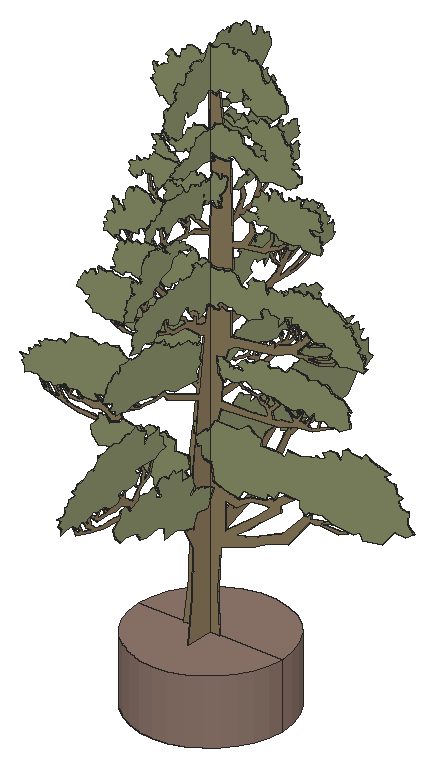
Revit family "섬잣나무+뿌리분", category 수목, Revit 2019 (continued)
Definition of nested family "섬잣나무_base"
  Forms (mm)
    Extrusion 4, solid, detail levels fine
      sketch origin (-3.628, -16.167, 0) x (0, 1, 0) y (0, 0, 1)
        loop
          line (-302.228, 2298.993) -> (-317.371, 2326.115) -> (-372.854, 2315.587) -> (-413.217, 2338.643) -> (-423.308, 2363.862) -> (-452.86, 2363.141) -> (-486.016, 2388.359) -> (-456.464, 2385.477) -> (-476.646, 2421.503) -> (-515.568, 2412.136) -> (-566.023, 2435.913) -> (-621.834, 2424.258) -> (-677.099, 2441.522) -> (-733.58, 2417.051) -> (-805.03, 2416.329) -> (-833.899, 2435.087) -> (-869.263, 2419.937) -> (-942.879, 2431.48) -> (-936.383, 2395.407) -> (-942.157, 2366.549) -> (-962.365, 2368.713) -> (-973.912, 2400.457) -> (-1008.555, 2385.307) -> (-1033.093, 2346.348) -> (-1056.91, 2352.12) -> (-1084.336, 2302.339) -> (-1085.057, 2279.253) -> (-1107.431, 2272.038) -> (-1121.143, 2222.258) -> (-1087.944, 2217.207) -> (-1050.415, 2186.185) -> (-1016.494, 2192.678) -> (-1020.824, 2162.377) -> (-1045.363, 2136.404) -> (-1022.989, 2123.418) -> (-987.625, 2097.445) -> (-984.017, 2070.752) -> (-931.331, 2072.916) -> (-876.48, 2054.88) -> (-814.413, 2075.08) -> (-755.953, 2078.688) -> (-701.103, 2067.144) -> (-656.213, 2052.181) -> (-600.686, 2052.812) -> (-554.624, 2035.781) -> (-469.441, 2037.673) -> (-367.852, 1979.013) -> (-264.371, 1975.859) -> (-125.554, 1961.983) -> (-141.957, 2037.86) -> (-74.442, 2088.32) -> (-95.264, 2100.304) -> (-108.515, 2117.966) -> (-87.061, 2169.688) -> (-89.585, 2224.563) -> (-133.123, 2222.04) -> (-144.481, 2251.686) -> (-189.912, 2251.686) -> (-189.912, 2272.501) -> (-213.89, 2298.993) -> (-253.642, 2298.993) -> (-302.228, 2298.993)
        loop
          line (52.176, 1610.503) -> (-0.542, 1516.396) -> (-34.433, 1548.393) -> (-137.988, 1542.746) -> (-122.926, 1465.579) -> (-75.855, 1454.286) -> (-83.387, 1380.883) -> (-45.73, 1331.947) -> (27.7, 1273.601) -> (42.762, 1153.144) -> (127.489, 1119.266) -> (244.224, 1094.798) -> (293.178, 1166.319) -> (328.951, 1155.026) -> (479.577, 1166.319) -> (494.639, 1205.844) -> (553.007, 1196.433) -> (588.781, 1260.426) -> (669.742, 1260.426) -> (758.234, 1252.897) -> (760.117, 1202.08) -> (812.836, 1168.201) -> (839.196, 1192.669) -> (954.048, 1209.608) -> (1033.126, 1179.494) -> (1083.962, 1173.848) -> (1168.689, 1160.673) -> (1221.408, 1158.79) -> (1268.479, 1194.551) -> (1292.956, 1141.851) -> (1462.409, 1166.319) -> (1565.965, 1299.951) -> (1654.457, 1288.658) -> (1727.887, 1335.711) -> (1671.403, 1392.175) -> (1678.934, 1491.929) -> (1661.989, 1484.4) -> (1613.035, 1501.339) -> (1594.207, 1538.982) -> (1631.863, 1576.625) -> (1579.144, 1595.446) -> (1579.144, 1616.15) -> (1567.847, 1661.321) -> (1511.363, 1661.321) -> (1477.472, 1691.435) -> (1530.191, 1719.667) -> (1422.87, 1747.899) -> (1379.565, 1757.31) -> (1319.315, 1800.599) -> (1289.19, 1761.074) -> (1196.932, 1761.074) -> (1165.757, 1786.38) -> (1123.213, 1761.572) -> (1123.213, 1729.675) -> (1107.85, 1688.328) -> (1071.215, 1723.768) -> (1019.216, 1723.768) -> (977.854, 1695.416) -> (953.97, 1687.769) -> (978.385, 1646.353) -> (930.296, 1629.343) -> (899.222, 1641.176) -> (888.125, 1624.906) -> (848.61, 1616.15) -> (756.352, 1591.682) -> (660.328, 1601.093) -> (633.968, 1533.336) -> (590.663, 1559.686) -> (519.116, 1559.686) -> (432.506, 1554.039) -> (440.038, 1601.093) -> (387.319, 1625.56) -> (325.186, 1666.967) -> (246.107, 1610.503) -> (163.263, 1610.503) -> (52.176, 1610.503)
        loop
          line (-666.883, 1812.178) -> (-717.172, 1833.221) -> (-756.883, 1864.619) -> (-770.969, 1891.676) -> (-827.106, 1862.449) -> (-871.548, 1875.308) -> (-935.871, 1841.405) -> (-997.855, 1863.618) -> (-1058.67, 1855.434) -> (-1112.467, 1839.067) -> (-1117.145, 1840.236) -> (-1172.113, 1844.912) -> (-1174.452, 1813.347) -> (-1215.385, 1758.4) -> (-1234.097, 1768.921) -> (-1269.182, 1768.921) -> (-1310.115, 1737.356) -> (-1340.523, 1730.342) -> (-1395.49, 1723.327) -> (-1400.168, 1696.438) -> (-1441.101, 1690.593) -> (-1406.015, 1649.674) -> (-1445.779, 1650.844) -> (-1480.864, 1648.505) -> (-1491.39, 1606.418) -> (-1524.136, 1612.264) -> (-1517.119, 1571.345) -> (-1541.679, 1550.302) -> (-1602.494, 1551.471) -> (-1558.052, 1522.244) -> (-1589.629, 1495.355) -> (-1560.391, 1459.113) -> (-1563.9, 1417.026) -> (-1520.628, 1436.9) -> (-1484.373, 1434.562) -> (-1450.457, 1438.069) -> (-1421.219, 1412.349) -> (-1387.303, 1400.659) -> (-1348.709, 1425.209) -> (-1322.98, 1402.997) -> (-1252.809, 1429.886) -> (-1223.571, 1449.76) -> (-1193.164, 1425.209) -> (-1113.637, 1439.238) -> (-1065.687, 1402.997) -> (-970.956, 1400.659) -> (-940.549, 1422.871) -> (-966.278, 1461.451) -> (-919.498, 1473.142) -> (-856.344, 1455.606) -> (-779.156, 1463.789) -> (-732.376, 1531.596) -> (-768.63, 1539.78) -> (-782.665, 1566.669) -> (-690.273, 1572.515) -> (-575.661, 1564.331) -> (-530.05, 1587.713) -> (-459.879, 1604.08) -> (-494.964, 1642.66) -> (-493.795, 1696.438) -> (-528.88, 1724.496) -> (-534.728, 1785.289) -> (-562.796, 1760.738) -> (-643.493, 1759.569) -> (-696.121, 1728.003) -> (-696.121, 1777.105) -> (-666.883, 1812.178)
        loop
          line (-644.119, 1327.333) -> (-666.95, 1338.744) -> (-729.735, 1353.959) -> (-752.566, 1323.529) -> (-843.89, 1285.491) -> (-878.136, 1331.136) -> (-939.019, 1325.431) -> (-942.824, 1272.178) -> (-1007.512, 1213.219) -> (-992.291, 1144.752) -> (-937.116, 1085.793) -> (-881.942, 1102.91) -> (-769.69, 1083.891) -> (-727.833, 1021.129) -> (-663.145, 1005.914) -> (-529.965, 1021.129) -> (-470.985, 998.306) -> (-465.277, 903.212) -> (-332.097, 920.329) -> (-252.189, 887.997) -> (-177.988, 870.88) -> (-149.45, 907.016) -> (-128.521, 964.073) -> (-16.269, 946.956) -> (37.003, 1097.205) -> (-1.049, 1095.303) -> (-61.931, 1125.733) -> (-130.424, 1144.752) -> (-183.696, 1112.42) -> (-206.527, 1133.34) -> (-166.573, 1178.986) -> (-185.599, 1266.472) -> (-292.143, 1264.57) -> (-286.435, 1350.903) -> (-352.172, 1350.903) -> (-372.051, 1382.487) -> (-423.421, 1350.155) -> (-478.595, 1384.389) -> (-512.842, 1384.389) -> (-554.698, 1344.45) -> (-522.355, 1300.706) -> (-516.647, 1241.748) -> (-560.406, 1272.178) -> (-552.796, 1302.608) -> (-587.042, 1352.057) -> (-644.119, 1327.333)
      from 0 to 5
    Extrusion 5, solid, detail levels fine
      sketch origin (-3.628, -16.167, 0) x (0, 1, 0) y (0, 0, 1)
        loop
          line (88.358, 4106.537) -> (63.165, 4078.784) -> (-1.101, 4094.716) -> (6.097, 3818.728) -> (25.428, 3824.289) -> (43.889, 3864.272) -> (114.654, 3889.389) -> (88.358, 4106.537)
        loop
          line (179.909, 3506.882) -> (176.764, 3620.581) -> (142.281, 3604.048) -> (35.537, 3604.048) -> (48.629, 3580.895) -> (19.425, 3557.238) -> (21.617, 3496.076) -> (78.82, 3488.81) -> (87.59, 3460.721) -> (103.568, 3460.721) -> (103.568, 3496.132) -> (124.996, 3487.836) -> (134.155, 3498.608) -> (160.243, 3491.84) -> (163.429, 3471.136) -> (147.099, 3445.854) -> (150.485, 3421.568) -> (130.963, 3366.927) -> (98.701, 3334.28) -> (109.215, 3302.114) -> (99.123, 3266.188) -> (109.966, 3245.77) -> (61.868, 3220.227) -> (17.244, 3234.379) -> (10.112, 3060.886) -> (-1.743, 3053.57) -> (-161.32, 3117.504) -> (-231.331, 3117.504) -> (-200.652, 3185.917) -> (-220.318, 3239.39) -> (-240.34, 3237.204) -> (-227.083, 3187.586) -> (-251.131, 3199.297) -> (-272.095, 3233.198) -> (-288.743, 3249.84) -> (-288.743, 3235.663) -> (-266.237, 3188.511) -> (-239.724, 3169.095) -> (-251.747, 3123.175) -> (-429.403, 3129.293) -> (-456.533, 3154.873) -> (-430.944, 3200.176) -> (-448.209, 3200.176) -> (-466.09, 3172.747) -> (-495.092, 3197.183) -> (-502.183, 3276.387) -> (-520.502, 3274.747) -> (-510.081, 3166.624) -> (-457.155, 3113.098) -> (-447.963, 3122.187) -> (-360.186, 3121.072) -> (-316.505, 3103.369) -> (-318.463, 3095.982) -> (-256.603, 3097.149) -> (-236.095, 3089.383) -> (-222.423, 3095.285) -> (-177.369, 3095.285) -> (-166.183, 3085.345) -> (-143.189, 3075.717) -> (-6.161, 3013.906) -> (7.479, 2996.823) -> (-0.118, 2812.023) -> (22.696, 2782.701) -> (58.082, 2782.701) -> (103.245, 2799.456) -> (128.853, 2792.94) -> (151.201, 2803.18) -> (199.375, 2803.18) -> (194.637, 2974.46) -> (294.145, 2997.311) -> (473.089, 3022.316) -> (500.989, 3050.686) -> (601.045, 3100.696) -> (665.627, 3159.36) -> (636.641, 3159.36) -> (596.715, 3126.662) -> (512.534, 3087.712) -> (540.434, 3137.241) -> (540.434, 3196.868) -> (517.345, 3196.868) -> (517.345, 3148.782) -> (451.789, 3061.215) -> (334.898, 3043.904) -> (386.157, 3143.027) -> (360.907, 3214.592) -> (337.784, 3206.434) -> (339.293, 3139.233) -> (269.332, 3043.531) -> (193.373, 3020.155) -> (179.909, 3506.882)
        loop
          line (-493.466, 2757.268) -> (-451.278, 2760.605) -> (-528.673, 2845.557) -> (-568.736, 2844.95) -> (-493.466, 2757.268)
        loop
          line (-776.442, 2727.525) -> (-792.316, 2717.393) -> (-757.854, 2692.234) -> (-747.563, 2706.113) -> (-776.442, 2727.525)
        loop
          line (-691.868, 2733.812) -> (-672.528, 2727.272) -> (-652.237, 2787.272) -> (-671.268, 2787.272) -> (-680.052, 2758.979) -> (-700.547, 2783.858) -> (-714.216, 2789.318) -> (-722.995, 2783.858) -> (-691.868, 2733.812)
        loop
          line (-446.383, 2471.522) -> (-512.462, 2491.41) -> (-525.252, 2509.167) -> (-537.981, 2504.732) -> (-528.406, 2477.246) -> (-432.173, 2451.635) -> (-390.251, 2420.383) -> (-248.856, 2411.149) -> (-114.566, 2304.608) -> (-67.118, 2280.574) -> (-46.093, 2245.765) -> (-96.046, 1845.706) -> (-442.569, 1994.461) -> (-474.377, 2030.233) -> (-510.189, 2030.233) -> (-487.393, 2016.277) -> (-570.629, 2016.277) -> (-673.913, 2029.031) -> (-711.582, 2029.031) -> (-765.655, 2070.33) -> (-785.647, 2069.291) -> (-738.483, 2028.228) -> (-789.83, 2047.238) -> (-813.032, 2067.39) -> (-834.331, 2060.546) -> (-801.241, 2035.452) -> (-736.201, 2011.118) -> (-678.008, 2011.118) -> (-572.27, 1997.811) -> (-475.662, 1997.811) -> (-439.151, 1953.226) -> (-107.812, 1802.302) -> (-111.443, 1788.91) -> (-130.457, 1577.252) -> (-132.483, 1554.699) -> (-33.197, 1559.93) -> (-4.389, 1534.622) -> (48.074, 1619.893) -> (72.001, 1622.17) -> (93.81, 1720.638) -> (598.904, 1749.264) -> (632.518, 1771.869) -> (748.974, 1803.815) -> (869.955, 1817.469) -> (1042.744, 1898.147) -> (1015.665, 1896.894) -> (930.891, 1867.742) -> (935.299, 1914.181) -> (922.413, 1909.436) -> (913.936, 1856.217) -> (862.733, 1837.913) -> (830.18, 1850.794) -> (867.819, 1927.401) -> (851.179, 1906.474) -> (815.222, 1861.255) -> (758.539, 1861.255) -> (786.684, 1915.877) -> (770.746, 1946.045) -> (761.613, 1941.221) -> (775.693, 1914.569) -> (761.591, 1896.217) -> (744.297, 1932.487) -> (738.447, 1929.603) -> (756.733, 1882.38) -> (747.368, 1868.55) -> (703.31, 1873.869) -> (685.644, 1896.635) -> (654.181, 1923.909) -> (647.718, 1925.772) -> (670.931, 1897.347) -> (647.549, 1909.57) -> (641.757, 1925.867) -> (635.663, 1928.215) -> (641.748, 1905.011) -> (677.235, 1889.531) -> (686.698, 1873.622) -> (707.13, 1837.933) -> (688.825, 1818.279) -> (603.921, 1811.026) -> (569.511, 1795.15) -> (535.982, 1795.15) -> (525.852, 1847.747) -> (604.287, 1928.915) -> (587.317, 1937.051) -> (572.794, 1927.718) -> (540.289, 1953.643) -> (523.345, 1953.643) -> (561.383, 1916.311) -> (539.811, 1894.331) -> (507.785, 1872.756) -> (480.467, 1890.385) -> (499.622, 1920.069) -> (491.186, 1952.606) -> (479.084, 1952.606) -> (485.308, 1922.533) -> (466.289, 1895.57) -> (435.859, 1902.484) -> (420.99, 1923.915) -> (455.224, 1958.828) -> (441.138, 1963.61) -> (410.27, 1934.977) -> (371.828, 1935.034) -> (316.909, 1950.973) -> (284.484, 1948.62) -> (259.837, 1972.565) -> (242.826, 1965.971) -> (278.236, 1934.739) -> (318.505, 1934.739) -> (367.107, 1917.388) -> (401.822, 1917.388) -> (426.026, 1878.937) -> (472.207, 1861.181) -> (495.298, 1820.344) -> (495.298, 1796.374) -> (363.859, 1780.394) -> (244.854, 1780.394) -> (99.766, 1779.306) -> (111.327, 1934.923) -> (69.613, 1978.435) -> (70.97, 2025.14) -> (57.465, 2079.497) -> (63.891, 2108.779) -> (123.243, 2130.806) -> (136.393, 2108.069) -> (159.455, 2188.66) -> (210.727, 2225.379) -> (570.267, 2283.904) -> (687.189, 2342.882) -> (750.037, 2335.856) -> (795.933, 2344.122) -> (826.53, 2334.203) -> (923.696, 2334.203) -> (1050.632, 2373.468) -> (1072.698, 2404.871) -> (1059.302, 2413.535) -> (1042.8, 2388.018) -> (924.135, 2351.921) -> (833.892, 2351.921) -> (826.415, 2357.592) -> (916.142, 2374.087) -> (1009.504, 2413.879) -> (1021.107, 2458.984) -> (996.354, 2428.313) -> (913.063, 2392.73) -> (742.562, 2362.16) -> (742.562, 2380.669) -> (804.282, 2443.394) -> (843.187, 2443.336) -> (970.705, 2496.64) -> (966.264, 2507.263) -> (887.35, 2474.276) -> (913.195, 2495.191) -> (899.247, 2495.191) -> (844.274, 2454.181) -> (816.787, 2458.692) -> (864.562, 2508.581) -> (840.19, 2519.665) -> (827.911, 2536.287) -> (778.281, 2475.167) -> (768.979, 2485.482) -> (822.607, 2539.345) -> (815.999, 2550.27) -> (807.866, 2536.296) -> (766.692, 2501.743) -> (756.017, 2555.351) -> (743.037, 2564.688) -> (752.459, 2496.407) -> (756.525, 2466.935) -> (734.413, 2474.811) -> (707.218, 2510.635) -> (687.901, 2529.436) -> (711.793, 2563.736) -> (696.071, 2559.206) -> (677.047, 2537.733) -> (659.553, 2589.664) -> (644.19, 2584.489) -> (665.591, 2520.958) -> (743.413, 2447.054) -> (697.368, 2413.992) -> (625.383, 2382.875) -> (587.77, 2374.447) -> (546.969, 2342.034) -> (546.969, 2367.246) -> (533.295, 2375.096) -> (513.176, 2340.047) -> (182.516, 2297.04) -> (182.516, 2485.123) -> (140.685, 2473.395) -> (99.288, 2488.108) -> (87.107, 2453.835) -> (38.572, 2453.835) -> (-17.651, 2473.545) -> (-31.975, 2358.834) -> (-93.25, 2368.533) -> (-140.855, 2392.682) -> (-140.855, 2450.924) -> (-159.329, 2460.158) -> (-159.329, 2426.775) -> (-223.987, 2450.924) -> (-256.672, 2499.223) -> (-297.172, 2514.849) -> (-304.663, 2495.434) -> (-267.52, 2481.104) -> (-249.566, 2447.373) -> (-290.777, 2447.373) -> (-371.778, 2447.373) -> (-452.778, 2507.036) -> (-461.304, 2556.755) -> (-474.774, 2554.445) -> (-465.369, 2499.602) -> (-446.383, 2471.522)
        loop
          line (-138.677, 1506.979) -> (-166.073, 1299.032) -> (-162.646, 1232.6) -> (-157.571, 1134.218) -> (-132.372, 1151.406) -> (-65.076, 1136.885) -> (0.979, 1101.244) -> (45.642, 1105.817) -> (-11.068, 939.035) -> (-125.639, 956.111) -> (-142.721, 909.298) -> (-151.47, 893.002) -> (-149.256, 802.345) -> (-177.805, 862.697) -> (-256.432, 879.54) -> (-164.81, 705.938) -> (-173.819, 344.074) -> (-215.785, 0) -> (84.215, 0) -> (69.545, 328.016) -> (90.257, 665.101) -> (389.776, 777.83) -> (499.429, 835.42) -> (667.88, 887.943) -> (847.702, 1116.142) -> (849.062, 1122.659) -> (886.092, 1114.931) -> (936.112, 1128.681) -> (1093.049, 1115.556) -> (1178.708, 1155.557) -> (1146.821, 1155.557) -> (1093.675, 1141.807) -> (951.743, 1149.307) -> (1033.025, 1169.932) -> (1003.013, 1181.808) -> (855.235, 1152.235) -> (862.768, 1188.328) -> (819.129, 1156.649) -> (793.154, 1156.649) -> (785.881, 1135.357) -> (617.04, 958.269) -> (355.536, 840.643) -> (230.334, 808.964) -> (334.292, 883.645) -> (429.973, 971.807) -> (603.864, 1110.702) -> (598.726, 1159.45) -> (715.4, 1246.924) -> (629.261, 1246.924) -> (569.558, 1204.749) -> (557.578, 1182.36) -> (507.575, 1182.36) -> (484.136, 1156.326) -> (347.148, 1134.978) -> (257.947, 1088.937) -> (123.677, 1112.171) -> (29.746, 1153.317) -> (19.719, 1268.843) -> (-54.772, 1331.844) -> (-92.239, 1383.541) -> (-85.379, 1447.37) -> (-130.234, 1460.03) -> (-138.677, 1506.979)
        loop
          line (133.653, 1035.568) -> (132.819, 811.253) -> (384.743, 997.209) -> (515.71, 1117.289) -> (462.322, 1117.289) -> (357.362, 1103.737) -> (273.677, 1056.386) -> (230.347, 1018.939) -> (133.653, 1035.568)
        loop
          line (-988.382, 1345.804) -> (-934.003, 1362.36) -> (-876.336, 1344.855) -> (-830.444, 1301.092) -> (-760.097, 1330.972) -> (-740.774, 1355.72) -> (-746.397, 1381.566) -> (-709.717, 1415.177) -> (-631.263, 1457.445) -> (-592.036, 1560.824) -> (-607.829, 1560.824) -> (-643.49, 1476.287) -> (-688.893, 1446.14) -> (-688.893, 1473.376) -> (-666.057, 1513.993) -> (-699.269, 1562.899) -> (-722.856, 1561.809) -> (-699.513, 1521.735) -> (-716.585, 1478.944) -> (-716.585, 1446.32) -> (-738.765, 1428.899) -> (-776.138, 1459.681) -> (-787.022, 1457.599) -> (-747.655, 1417.297) -> (-778.2, 1388.733) -> (-794.799, 1365.543) -> (-809.866, 1353.571) -> (-892.077, 1410.577) -> (-894.126, 1436.77) -> (-881.821, 1455.098) -> (-895.214, 1459.603) -> (-905.261, 1442.027) -> (-908.066, 1417.13) -> (-940.982, 1459.185) -> (-954.415, 1456.598) -> (-930.27, 1421.803) -> (-967.812, 1395.751) -> (-1066.225, 1398.13) -> (-1075.299, 1385.933) -> (-1113.999, 1431.003) -> (-1125.491, 1427.207) -> (-1093.036, 1380.242) -> (-1167.912, 1379.447) -> (-1173.48, 1385.973) -> (-1154.472, 1427.236) -> (-1169.601, 1424.9) -> (-1191.69, 1396.662) -> (-1237.965, 1432.86) -> (-1250.64, 1423.864) -> (-1179.489, 1354.2) -> (-1109.8, 1354.2) -> (-1071.288, 1359.244) -> (-988.382, 1345.804)
        loop
          line (-1131.243, 1301.587) -> (-1196.119, 1314.922) -> (-1247.782, 1357.452) -> (-1266.322, 1419.615) -> (-1280.299, 1414.26) -> (-1270.878, 1371.426) -> (-1303.742, 1402.755) -> (-1314.639, 1398.767) -> (-1300.963, 1361.401) -> (-1240.184, 1323.124) -> (-1338.343, 1345.908) -> (-1368.931, 1403.722) -> (-1381.496, 1395.729) -> (-1369.34, 1364.439) -> (-1395.475, 1364.439) -> (-1411.582, 1397.855) -> (-1434.678, 1412.437) -> (-1405.2, 1350.161) -> (-1248.086, 1304.289) -> (-1112.114, 1274.544) -> (-958.255, 1266.779) -> (-948.752, 1276.636) -> (-946.856, 1293.422) -> (-991.884, 1300.197) -> (-996.972, 1300.197) -> (-1045.959, 1301.587) -> (-1131.243, 1301.587)
      from 0 to 5
  Lines and regions (mm)
    symbolic lines
      curve 1: line (174.823, -27.543, 0) -> (528.608, -74.345, 0)
      curve 2: line (168.851, -56.34, 0) -> (510.959, -157.91, 0)
      curve 3: line (182.748, 59.436, 0) -> (519.219, 178.351, 0)
      curve 4: line (192.859, 9.364, 0) -> (548.643, 37.142, 0)
      curve 5: line (189.666, -41.618, 0) -> (540.517, -106.871, 0)
      curve 6: line (-175.377, -94.247, 0) -> (-489.104, -264.334, 0)
      curve 7: line (-187.472, -67.44, 0) -> (-523.944, -186.355, 0)
      curve 8: line (-197.583, -17.368, 0) -> (-553.368, -45.146, 0)
      curve 9: line (-194.391, 33.614, 0) -> (-545.241, 98.867, 0)
      curve 10: line (-178.112, 82.033, 0) -> (-500.119, 235.869, 0)
      curve 11: line (-116.503, -158.985, 0) -> (-318.818, -452.962, 0)
      curve 12: line (-139.45, -140.591, 0) -> (-385.262, -399.299, 0)
      curve 13: line (-130.953, -151.496, 0) -> (-362.889, -422.715, 0)
      curve 14: line (-159.237, -118.833, 0) -> (-442.494, -335.903, 0)
      curve 15: line (-164.746, -113.188, 0) -> (-458.975, -315.136, 0)
      curve 16: line (-149.856, 124.589, 0) -> (-421.075, 356.525, 0)
      curve 17: line (-111.548, 158.381, 0) -> (-313.497, 452.611, 0)
      curve 18: line (126.229, 143.492, 0) -> (358.164, 414.711, 0)
      curve 19: line (-15.729, 191.219, 0) -> (-43.506, 547.003, 0)
      curve 20: line (83.673, 171.748, 0) -> (237.509, 493.755, 0)
      curve 21: line (-65.8, 181.108, 0) -> (-184.715, 517.58, 0)
      curve 22: line (158.448, -83.849, 0) -> (480.455, -237.685, 0)
      curve 23: line (143.869, -109.391, 0) -> (437.847, -311.706, 0)
      curve 24: line (145.132, -132.593, 0) -> (416.351, -364.529, 0)
      curve 25: line (160.021, 105.184, 0) -> (454.251, 307.132, 0)
      curve 26: line (52.324, -180.36, 0) -> (171.239, -516.832, 0)
      curve 27: line (23.955, -188.113, 0) -> (88.77, -539.044, 0)
      curve 28: line (61.076, -189.112, 0) -> (179.99, -525.583, 0)
      curve 29: line (-5.278, -191.332, 0) -> (3.841, -548.082, 0)
      curve 30: line (-34.655, -189.939, 0) -> (-81.456, -543.723, 0)
      curve 31: line (-63.452, -183.967, 0) -> (-165.021, -526.074, 0)
      curve 32: line (11.004, -199.223, 0) -> (38.782, -555.007, 0)
      curve 33: line (-39.978, -196.031, 0) -> (-105.231, -546.881, 0)
      curve 34: line (-90.96, -173.563, 0) -> (-244.797, -495.57, 0)
      curve 35: line (-88.397, -179.752, 0) -> (-242.233, -501.759, 0)
      curve 36: line (103.717, -152.125, 0) -> (320.787, -435.382, 0)
      curve 37: line (79.132, -168.265, 0) -> (249.218, -481.992, 0)
      curve 38: line (106.824, -166.385, 0) -> (308.772, -460.615, 0)
      curve 39: line (125.475, -132.338, 0) -> (384.184, -378.151, 0)
      curve 40: line (574.006, -1275.335, 0) -> (405.402, -904.755, 0)
      curve 41: line (405.402, -904.755, 0) -> (574.006, -1275.335, 0)
      curve 42: line (482.356, -865.789, 0) -> (682.616, -1220.263, 0)
      curve 43: line (425.549, 887.357, 0) -> (601.053, 1254.718, 0)
      curve 44: line (-951.099, -282.437, 0) -> (-1341.537, -397.825, 0)
      curve 45: line (-960.238, -249.157, 0) -> (-1354.466, -350.849, 0)
      curve 46: line (-977.96, -164.74, 0) -> (-1379.55, -231.686, 0)
      curve 47: line (-954.485, 262.625, 0) -> (-1346.742, 371.672, 0)
      curve 48: line (-991.05, 7.113, 0) -> (-1398.165, 10.92, 0)
      curve 49: line (-986.32, 93.24, 0) -> (-1391.553, 132.515, 0)
      curve 50: line (-855.558, -503.687, 0) -> (-1206.484, -710.103, 0)
      curve 51: line (-818.623, -561.986, 0) -> (-1154.295, -792.378, 0)
      curve 52: line (-864.149, -488.72, 0) -> (-1218.623, -688.981, 0)
      curve 53: line (-999.895, -980.432, 0) -> (-709.33, -695.251, 0)
      curve 54: line (-709.33, -695.251, 0) -> (-999.895, -980.432, 0)
      curve 55: line (-788.302, -603.941, 0) -> (-1111.456, -851.585, 0)
      curve 56: line (-766.886, -631.004, 0) -> (-1081.2, -889.776, 0)
      curve 57: line (-619.818, -776.256, 0) -> (-873.462, -1094.723, 0)
      curve 58: line (-302.056, -946.24, 0) -> (-424.725, -1334.452, 0)
      curve 59: line (-414.652, -902.693, 0) -> (-583.718, -1273.062, 0)
      curve 60: line (-268.99, -956.125, 0) -> (-378.036, -1348.382, 0)
      curve 61: line (-350.958, -929.264, 0) -> (-493.777, -1310.524, 0)
      curve 62: line (-430.273, -895.361, 0) -> (-605.777, -1262.722, 0)
      curve 63: line (-521.102, -845.749, 0) -> (-734.044, -1192.753, 0)
      curve 64: line (-506.332, -854.674, 0) -> (-713.186, -1205.341, 0)
      curve 65: line (-578.555, -807.513, 0) -> (-815.185, -1138.818, 0)
      curve 66: line (-646.393, -754.237, 0) -> (-910.997, -1063.657, 0)
      curve 67: line (292.588, -947.735, 0) -> (414.773, -1336.1, 0)
      curve 68: line (325.345, -936.867, 0) -> (461.009, -1320.731, 0)
      curve 69: line (175.378, -976.646, 0) -> (249.322, -1377.007, 0)
      curve 70: line (55.517, -991.057, 0) -> (80.119, -1397.445, 0)
      curve 71: line (-65.206, -990.754, 0) -> (-90.314, -1397.111, 0)
      curve 72: line (-259.436, -1376.008, 0) -> (-184.992, -975.74, 0)
      curve 73: line (-184.992, -975.74, 0) -> (-259.436, -1376.008, 0)
      curve 74: line (242.793, -961.878, 0) -> (344.485, -1356.106, 0)
      curve 75: line (158.376, -979.6, 0) -> (225.321, -1381.19, 0)
      curve 76: line (72.735, -989.897, 0) -> (104.425, -1395.793, 0)
      curve 77: line (-13.477, -992.69, 0) -> (-17.284, -1399.804, 0)
      curve 78: line (-99.605, -987.959, 0) -> (-138.879, -1393.192, 0)
      curve 79: line (8.753, 984.686, 0) -> (12.559, 1391.8, 0)
      curve 80: line (94.88, 979.955, 0) -> (134.155, 1385.188, 0)
      curve 81: line (-927.624, 344.594, 0) -> (-1308.884, 487.412, 0)
      curve 82: line (-910.095, -395.984, 0) -> (-1283.56, -558.094, 0)
      curve 83: line (-903.115, -411.766, 0) -> (-1273.695, -580.37, 0)
      curve 84: line (-935.227, -331.709, 0) -> (-1319.091, -467.373, 0)
      curve 85: line (-853.034, 499.968, 0) -> (-1203.702, 706.822, 0)
      curve 86: line (-752.597, 640.029, 0) -> (-1062.017, 904.633, 0)
      curve 87: line (-629.364, 760.522, 0) -> (-888.136, 1074.836, 0)
      curve 88: line (-560.346, 812.259, 0) -> (-790.738, 1147.931, 0)
      curve 89: line (-487.081, 857.785, 0) -> (-687.341, 1212.259, 0)
      curve 90: line (-330.069, 928.863, 0) -> (-465.733, 1312.727, 0)
      curve 91: line (-3.7, -5.435, 0) -> (63.647, -124.644, 0)
      curve 92: line (-4.258, -3.734, 0) -> (6.477, -141.238, 0)
      curve 93: line (-4.258, -3.734, 0) -> (-52.35, -132.116, 0)
      curve 94: line (-3.376, -2.377, 0) -> (-101.809, -98.987, 0)
      curve 95: line (-1.211, -5.532, 0) -> (88.428, 99.289, 0)
      curve 96: line (-1.211, -5.532, 0) -> (123.574, 51.242, 0)
      curve 97: line (8.212, -5.971, 0) -> (135.122, -7.157, 0)
      curve 98: line (-3.7, -5.435, 0) -> (120.907, -64.965, 0)
      curve 99: line (-3.376, -2.377, 0) -> (-132.634, -48.059, 0)
      curve 100: line (-1.769, -2.181, 0) -> (-139.048, 11.124, 0)
      curve 101: line (-1.769, -2.181, 0) -> (-119.849, 67.473, 0)
      curve 102: line (-0.586, -3.286, 0) -> (-78.635, 110.428, 0)
      curve 103: line (-0.586, -3.286, 0) -> (-23.129, 131.941, 0)
      curve 104: line (2.276, 5.702, 0) -> (36.269, 127.981, 0)
      curve 105: line (346.234, 921.26, 0) -> (489.052, 1302.52, 0)
      curve 106: line (-163.1, 971.596, 0) -> (-230.046, 1373.186, 0)
      curve 107: line (264.265, 948.121, 0) -> (373.311, 1340.378, 0)
      curve 108: line (813.899, 553.982, 0) -> (1149.571, 784.374, 0)
      curve 109: line (859.424, 480.716, 0) -> (1213.899, 680.977, 0)
      curve 110: line (930.502, 323.705, 0) -> (1314.367, 459.369, 0)
      curve 111: line (780.55, -607.886, 0) -> (1103.395, -855.934, 0)
      curve 112: line (801.149, -580.195, 0) -> (1132.453, -816.824, 0)
      curve 113: line (747.872, -648.033, 0) -> (1057.293, -912.637, 0)
      curve 114: line (922.899, -352.598, 0) -> (1304.159, -495.416, 0)
      curve 115: line (1198.977, -714.826, 0) -> (848.31, -507.972, 0)
      curve 116: line (848.31, -507.972, 0) -> (1198.977, -714.826, 0)
      curve 117: line (903.387, -400.544, 0) -> (1276.65, -563.121, 0)
      curve 118: line (888.996, -431.913, 0) -> (1256.358, -607.417, 0)
      curve 119: line (973.236, 156.736, 0) -> (1374.826, 223.682, 0)
      curve 120: line (986.326, -15.117, 0) -> (1393.44, -18.924, 0)
      curve 121: line (981.595, -101.244, 0) -> (1386.828, -140.519, 0)
      curve 122: line (969.376, -186.632, 0) -> (1369.644, -261.076, 0)
      curve 123: line (949.761, -270.629, 0) -> (1342.017, -379.675, 0)
      curve 124: line (955.514, 241.153, 0) -> (1349.741, 342.845, 0)
      curve 125: line (611.202, -779.352, 0) -> (864.448, -1098.135, 0)
      curve 126: line (624.64, -768.526, 0) -> (883.412, -1082.84, 0)
      curve 127: line (512.137, -848.347, 0) -> (724.646, -1195.617, 0)
      curve 128: line (555.621, -820.263, 0) -> (786.014, -1155.935, 0)
      curve 129: line (701.12, -698.798, 0) -> (991.329, -984.342, 0)
      curve 130: line (688.887, -710.97, 0) -> (974.068, -1001.535, 0)
      curve 131: line (573.831, 799.509, 0) -> (810.46, 1130.814, 0)
      curve 132: line (641.669, 746.233, 0) -> (906.273, 1055.653, 0)
      curve 133: line (704.605, 687.247, 0) -> (995.17, 972.428, 0)
  Dimensions and locks
    aligned and locked: level to plane 2
